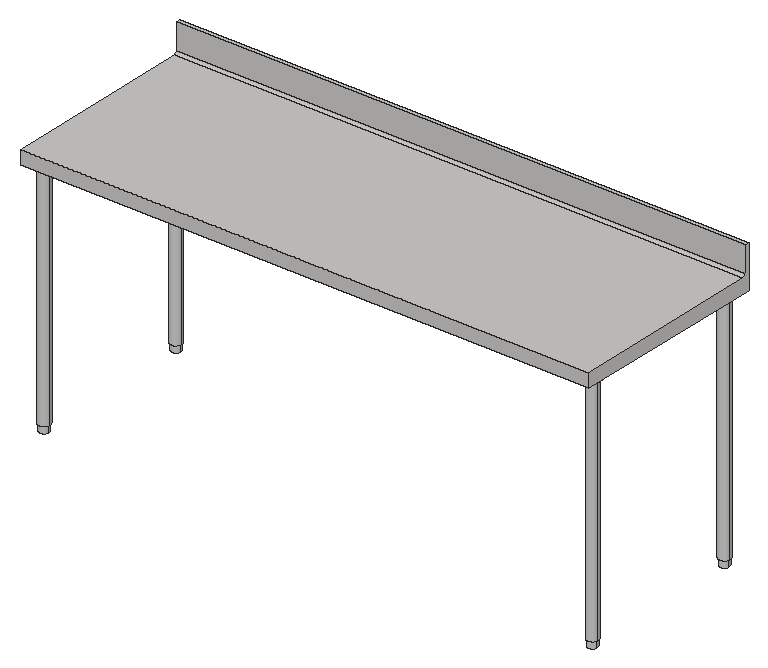
Revit family "QF_ZANUSSI_133059_TG2010EN", category Attrezzature speciali, Revit 2020
Family settings
  Quota connettore circolare = Usa diametro
  Tipo di parte = Normale
  Basato su piano di lavoro = No
  Sempre verticale = Sì
  Taglio con vuoti quando caricato = No
  Condiviso = No
  Punto di calcolo locali = No
Parameters (values of type "Standard")
  Weight = 58.00 kg
  Watts = 0 W
  Volts = 0 V
  URL Manufacturer = "http://www.zanussiprofessional.com"
  URL = "http://www.zanussiprofessional.com"
  Steam Supply Size = 0 mm
  Steam Supply Minimum Pressure = 0.0 Pa
  Steam Supply Maximum Pressure = 0.0 Pa
  Steam Consumption per Hour = 0
  Refrigeration Suction Line Size = 0.0 mm
  Refrigeration Liquid Line Size = 0.0 mm
  Refrigerant Compressor Remote = yes
  Prospetto di default = 0.0 mm
  Produttore = "Zanussi"
  Phase = 0
  Modello = "TG2010EN"
  Length Actual = 2000.0 mm  # constant formula
  Item Number = "133059"
  Hot Water Size = 0 mm
  Height Actual = 900.0 mm  # constant formula
  HP = "0 HP"
  Gas Size = 0 mm
  Gas KW = 0
  Gas Input Pressure = 0 W
  Direct Waste Size = 0 mm
  Descrizione = "WORK TABLE WITH UPSTAND 2000 MM"
  Depth Actual = 700.0 mm  # constant formula
  Cycle = 0 Hz
  Condensate Return Size = 0 mm
  Compressed Air Volume = 0.0 L/s
  Compressed Air Size = 0 mm
  Compressed Air Pressure = 0.0 Pa
  Cold Water Size = 0 mm
  Accessory = yes
Reference planes
  plane 1 "Center (Front/Back)": y = 0
  plane 2: z = 0
  plane 3 "Center (Left/Right)": x = -500
  plane 4 "LEFT": x = -1500
  plane 5 "RIGHT": x = 500
  plane 6 "BACK": y = 350
  plane 7 "FRONT": y = -350
  plane 8 "Base": z = 850
  plane 9 "TOP": z = 900
  plane 10: x = -1464.5
  plane 11: x = 464.5
  plane 12: y = 290
  plane 13: y = -290
Forms (mm)
  Extrusion 1, solid, material "QF_Finishes_Stainless Steel"
    sketch origin (-500, 0, 0) x (0, 1, 0) y (0, 0, 1)
      loop
        line (-350, 850) -> (350, 850) -> (350, 1000) -> (337, 1000) -> (337, 910)
        arc (337, 910) -> (334.071, 902.929) -> (327, 900) r 10
        line (327, 900) -> (-350, 900) -> (-350, 850)
    from 1000 to -1000
Lines and regions (mm)
  symbolic lines
    curve 1: line (500, 350, 900) -> (-1500, 350, 900)
    curve 2: line (-1500, 350, 900) -> (-1500, -350, 900)
    curve 3: line (-1500, -350, 900) -> (500, -350, 900)
    curve 4: line (500, -350, 900) -> (500, 350, 900)
    curve 5: line (500, 337, 900) -> (-1500, 337, 900)
Dimensions and locks
  plane 4 "LEFT" to plane 5 "RIGHT" = 2000.0 mm
  equal spacing: plane 4 "LEFT", plane 3 "Center (Left/Right)", plane 5 "RIGHT"
  locked: plane 8 "Base" to level at 850
  plane 4 "LEFT" to plane 10 = 35.5 mm
  plane 11 to plane 5 "RIGHT" = 35.5 mm
  plane 10 to plane 11 = 1929.0 mm
  locked: Extrusion 1 to level at 1000
  plane 9 "TOP" to level = 900.0 mm
  plane 6 "BACK" to plane 12 = 60.0 mm
  plane 13 to plane 7 "FRONT" = 60.0 mm
  plane 6 "BACK" to plane 7 "FRONT" = 700.0 mm
  plane 12 to plane 13 = 580.0 mm
  equal spacing: plane 6 "BACK", plane 1 "Center (Front/Back)", plane 7 "FRONT"
  aligned and locked: level to plane 2
  aligned and locked: plane 10 to nested 1
  aligned and locked: nested 1 to plane 13
  aligned and locked: plane 11 to nested 2
  aligned and locked: nested 2 to plane 13
  aligned and locked: plane 11 to nested 4
  aligned and locked: nested 4 to plane 12
  aligned and locked: plane 10 to nested 3
  aligned and locked: nested 3 to plane 12
  aligned and locked: Extrusion 1 to plane 4 "LEFT"
  aligned and locked: plane 5 "RIGHT" to Extrusion 1
  aligned and locked: curve 2 to plane 4 "LEFT"
Automatic sketch dimensions
  Extrusion 1 sketch curve to plane 7 "FRONT" = 0.0 mm
  Extrusion 1 sketch curve to plane 9 "TOP" = 0.0 mm
  Extrusion 1 sketch curve to plane 6 "BACK" = 0.0 mm
  Extrusion 1 sketch curve to plane 8 "Base" = 0.0 mm
  plane 9 "TOP" to Extrusion 1 sketch curve = 10.0 mm
  Extrusion 1 sketch curve to plane 6 "BACK" = 13.0 mm
  Extrusion 1 sketch curve to Extrusion 1 sketch curve = 90.0 mm
  curve 3 to plane 7 "FRONT" = 0.0 mm
  curve 5 to plane 5 "RIGHT" = 0.0 mm
  curve 4 to plane 6 "BACK" = 0.0 mm
  curve 5 to plane 6 "BACK" = 13.0 mm
Nested families
  nested 1: "FEET_D40" at (-1464.5, -290, 0), type "FEET_D40"
  nested 2: "FEET_D40" at (464.5, -290, 0), type "FEET_D40"
  nested 3: "FEET_D40" at (-1464.5, 290, 0), type "FEET_D40"
  nested 4: "FEET_D40" at (464.5, 290, 0), type "FEET_D40"
Definition of nested family "FEET_D40"
  Parameters
    Default Elevation = 0.0 mm
    FEET = 850.0 mm
  Reference planes
    plane 1 "Center (Front/Back)": y = 0
    plane 2: z = 0
    plane 3 "Center (Left/Right)": x = 0
    plane 4: z = 850
  Forms (mm)
    Extrusion 1, solid
      sketch origin (0, 0, 0) x (1, 0, 0) y (0, 1, 0)
        loop
          circle (0, 0.002) r 20
      from 25 to 845
    Extrusion 2, solid
      sketch origin (0, 0, 0) x (1, 0, 0) y (0, 1, 0)
        loop
          circle (0, 0) r 16
      from 0 to 25
    Extrusion 3, solid
      sketch origin (0, 0, 0) x (1, 0, 0) y (0, 1, 0)
        loop
          circle (0, 0.002) r 30
      from 845 to 850
  Lines and regions (mm)
    symbolic lines
      curve 1: line (0, -1.503, 0) -> (0, 1.508, 0)
      curve 2: line (1.561, 0, 0) -> (-1.439, 0, 0)
  Dimensions and locks
    "FEET": plane 4 to plane 2
    aligned and locked: level to plane 2
  Automatic sketch dimensions
    plane 1 "Center (Front/Back)" to Extrusion 2 sketch curve = 0.0 mm
    Extrusion 2 sketch curve to plane 3 "Center (Left/Right)" = 0.0 mm
    plane 1 "Center (Front/Back)" to curve 2 = 0.0 mm
    curve 1 to plane 3 "Center (Left/Right)" = 0.0 mm
    curve 2 to plane 3 "Center (Left/Right)" = 1.439 mm
    plane 3 "Center (Left/Right)" to curve 2 = 1.561 mm
    plane 1 "Center (Front/Back)" to curve 1 = 1.503 mm
    curve 1 to plane 1 "Center (Front/Back)" = 1.508 mm
    Extrusion 1 sketch curve to plane 3 "Center (Left/Right)" = 0.0 mm
    Extrusion 1 sketch curve to plane 1 "Center (Front/Back)" = 0.002 mm
    Extrusion 3 sketch curve to plane 3 "Center (Left/Right)" = 0.0 mm
    Extrusion 3 sketch curve to plane 1 "Center (Front/Back)" = 0.002 mm
    radius of Extrusion 2 sketch curve = 16.0 mm
    radius of Extrusion 1 sketch curve = 20.0 mm
    radius of Extrusion 3 sketch curve = 30.0 mm
